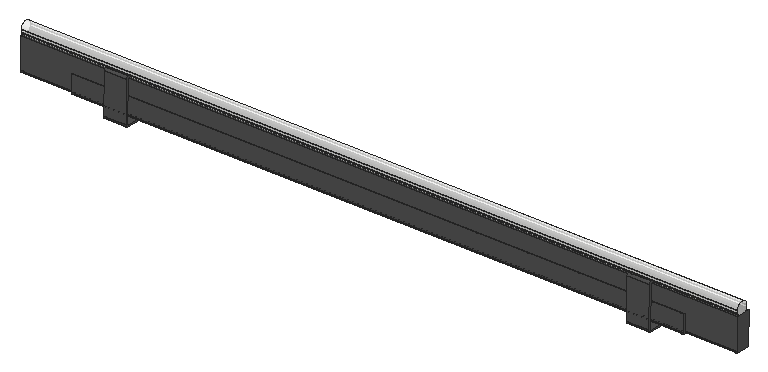
Revit family "Lighting-Luminii-iLight_Plexineon_Straight_Surface new", category Lighting Fixtures, host Face, Revit 2020
Family settings
  Host = Face
  Round Connector Dimension = Use Diameter
  Part Type = Normal
  OmniClass Number = 23.80.70.11.14.11
  OmniClass Title = Downlights
  Cut with Voids When Loaded = No
  Light Source = Yes
  Shared = Yes
  Room Calculation Point = No
Parameters (values of type "Plexion Surface Mount - PX")
  Width = 83/128"  # constant formula
  Wattage Comments = "3.2 W/ft"
  Wattage = 3.15385 W
  Warranty URL = "https://www.luminii.com/terms-conditions/"
  built-in parameter 1150110 = 1 (stored number, unit not read)
  Voltage Comments = "120VAC - 277VAC"  # constant formula
  Voltage = 120 V
  Version = "2020 - v1.0a"  # constant formula
  URL = "https://www.luminii.com/"
  built-in parameter 1114217 = 1 (stored number, unit not read)
  Tilt Angle = -90.00°  # constant formula
  built-in parameter 1150109 = 1 (stored number, unit not read)
  built-in parameter 1150134 = (empty or 0)
  built-in parameter 1150113 = 1 (stored number, unit not read)
  Support Phone = "224-699-9545"  # constant formula
  Support Email = "mailto:support@bimsmith.com"
  Product Page URL = "https://www.luminii.com/product/plexineon-surface-static-color/"
  Power Source Type = "Driver"  # constant formula
  Power Factor = 1
  Photometric Web File = "PX48-SR-30K-SO-F_IESNA2002.IES"
  Phase = 1
  Operating Temperature = "Consult Manufacturer Website for more Information"  # constant formula
  Number of Poles = if(and(or(Voltage = 120 V, Voltage = 277 V), Phase = 1), 1, if(and(or(Voltage = 208 V, Voltage = 240 V), Phase = 1), 2, if(and(or(Voltage = 208 V, Voltage = 240 V), Phase = 3), 3, if(and(Voltage > 300 V, Phase = 1), 2, if(and(Voltage > 400 V, Phase = 3), 3, 1)))))  # 1
  Mounting Method = "Mounting Options: Surface Mount Standard Clips, Surface Mount L-Tab Clips, Surface Mount S-Tab Clips, Surface Mount Vertical Clips, Surface Mount Decorative Clips"  # constant formula
  Model = "PX"  # constant formula
  Manufacturer Phone Number = "403-216-7043"  # constant formula
  Manufacturer Email = "mailto: info@sensolighting.com"
  Manufacturer Address = "302 50 Ave SE. Calgary, Alberta, T2G 2A9 Canada"  # constant formula
  Manufacturer = "Luminii"  # constant formula
  built-in parameter 1150105 = 9.788 (stored number, unit not read)
  Lumens = 123 lm
  Luminaire Type = "Linear Illumination System"  # constant formula
  built-in parameter 1150115 = 1 (stored number, unit not read)
  Load Classification = Lighting
  built-in parameter 1150137 = (empty or 0)
  built-in parameter 1150139 = (empty or 0)
  Lens Material = Plastic - Luminii - Frosted Lens
  Length [instance] = if(Desired Length < 6", 6", if(Desired Length > 360", 360", (round(Desired Length / 2")) * 2"))  # 24"
  built-in parameter 1150112 = 1 (stored number, unit not read)
  built-in parameter 1150114 = 1 (stored number, unit not read)
  Lamp Life = 1
  Lamp = "LED"  # constant formula
  Keynote = "26 50 00"
  built-in parameter 1150132 = (empty or 0)
  built-in parameter 1150102 = (empty or 0)
  built-in parameter 1150107 = 3000 (stored number, unit not read)
  Initial Color Comments = "Perfomance based on 3000K Photometric Web File"  # constant formula
  built-in parameter 1150138 = (empty or 0)
  built-in parameter 1150106 = 0.09788 (stored number, unit not read)
  Housing Protection Rating = "Consult Manufacturer Website for more Information"  # constant formula
  Height = 1 207/256"  # constant formula
  Has Dimming = 1 = 1  # yes
  Has Battery Backup = 0 = 1  # no
  Frequency Comments = ""  # constant formula
  Frequency = 60 Hz
  Finish = Metal - Luminii - Black
  Environment = "Indoor"  # constant formula
  Emit from Line Length = 48"
  built-in parameter 1150104 = 3.6232 (stored number, unit not read)
  Dimming Type = "Consult Manufacturer Website for more Information"  # constant formula
  Dimming Lamp Color Temperature Shift = <None>
  Desired Length [instance] = 24"
  Description = "Linear Illumination System"  # constant formula
  Default Elevation = 0"  # constant formula
  Current Amps = 50 A
  Copyright = "©2024 Luminii"  # constant formula
  Control Zone = "Consult Manufacturer Website for more Information"  # constant formula
  Control Type = "Consult Manufacturer Website for more Information"  # constant formula
  Constraints = 1  # constant formula
  Color Filter = 16777215
  built-in parameter 1114216 [instance] = 0  # (empty or 0)
  built-in parameter 1140040 [instance] = 1 = 1  # 1
  CCT = "3000K"
  C Suspension [instance] = 0"  # constant formula
  C Number Array [instance] = if(Length < 30", 2, if(Length > 30", Length / 30" + 2, 2))  # 2
  built-in parameter 1114218 = 1 (stored number, unit not read)
  built-in parameter 1150133 = 10 (stored number, unit not read)
  Assembly Code = "D5040.50"
  Apparent Load = Wattage / Power Factor  # 3.15385 VA
Reference planes (in)
  plane 1 "Center (Front/Back)": y = 0
  plane 2: z = 0
  plane 3 "Center (Left/Right)": x = 0
  plane 4: x = 0
  plane 5: x = 0
  plane 6: y = 0.32422
  plane 7: y = -0.32422
  plane 8: x = -12
  plane 9: x = 12
  plane 10 "Top": z = 0
  plane 11: z = 1.80859
  plane 12: x = -11.25047
  plane 13: x = 11.25047
  plane 14 "Lamp": z = 0.32231
  plane 15: x = -8.75047
  plane 16: x = 8.75047
Forms (in)
  Extrusion 1, solid, not visible
    sketch origin (0, 0, -0.01563) x (1, 0, 0) y (0, 1, 0)
      loop
        circle (11.25047, 0) r 0.03125
    from 0.36918 to 0.40918
Dimensions and locks (in)
  equal spacing: plane 4, plane 3 "Center (Left/Right)", plane 5
  equal spacing: plane 6, plane 1 "Center (Front/Back)", plane 7
  "Width": plane 6 to plane 7
  equal spacing: plane 8, plane 3 "Center (Left/Right)", plane 9
  "Length": plane 8 to plane 9
  Extrusion 1 to plane 2 = 0.39356"
  plane 1 "Center (Front/Back)" to imposter light = 0"
  "C Suspension": plane 10 "Top" to plane 2
  locked: plane 12 to plane 8 at 0.74953
  locked: plane 13 to plane 9 at 0.74953
  locked: host face to level
  "Height": plane 11 to plane 10 "Top"
  locked: plane 14 "Lamp" to plane 10 "Top" at 0.32231
  locked: plane 15 to plane 12 at 2.5
  locked: plane 16 to plane 13 at 2.5
  group 1 to group 2 = 17.50093"
  group 1 to group 2 = 0"  (x2)
  Extrusion 1 to Extrusion 1 to plane 14 "Lamp" = 0.04" locked, 1/32" locked
  aligned and locked: plane 2 to host face
  aligned and locked: imposter light to plane 3 "Center (Left/Right)"
  aligned and locked: plane 1 "Center (Front/Back)" to Extrusion 1 sketch curve
  aligned and locked: plane 1 "Center (Front/Back)" to imposter light
  aligned and locked: imposter light to plane 5
  aligned and locked: plane 1 "Center (Front/Back)" to nested 1
  aligned and locked: plane 15 to nested 2
  aligned and locked: plane 1 "Center (Front/Back)" to nested 2
  aligned and locked: nested 3 to plane 16
  aligned and locked: plane 13 to Extrusion 1 sketch curve
  aligned and locked: imposter light to plane 11
Automatic sketch dimensions
  host sketch curve to host sketch curve = 96"  (x2)
  radius of Extrusion 1 sketch curve = 1/32"
Nested families (in)
  nested 1: "Nested Lamp" at (0, 0, 0.32231), type "Nested Lamp"
  nested 2: "Standard Bracket" at (-8.75047, 0, 0), type "Standard Bracket"
  nested 3: "Standard Bracket" at (8.75047, 0, 0), type "Standard Bracket"
Connectors (in)
  electrical at (11.25047, 0, 0.35356), driven by "Number of Poles", driven by "Load Classification", driven by "Voltage", driven by "Apparent Load", driven by "Power Factor"
    settings: on Extrusion 1, index 1, voltage 120 V, apparent load 3.15385 VA, apparent load phase1 0 VA, apparent load phase2 0 VA, apparent load phase3 0 VA, power factor 1, load classification "Lighting", number of poles 1, system type 30, power factor state 1, is connector primary yes, connector utility no, sub classification motor no, connector description "Power Connection"
Definition of nested family "Nested Lamp"
  Parameters (values of type "Nested Lamp")
    Width = 133/256"  # constant formula
    Lens = none
    Length = 24"
    Height = 1 123/256"  # constant formula
    Finish = none
    Default Elevation = 48"
  Reference planes (in)
    plane 1 "Center (Front/Back)": y = 0
    plane 2: z = 0
    plane 3 "Center (Left/Right)": x = 0
    plane 4: x = -11.98828
    plane 5: x = 11.98828
    plane 6: x = 12
    plane 7: x = -12
    plane 8: y = 0.25977
    plane 9: y = -0.25977
    plane 10: z = 1.48047
    plane 11: x = -10.24462
    plane 12: x = 10.24462
  Forms (in)
    Extrusion 1, solid
      sketch origin (0, 0, 0) x (1, 0, 0) y (0, 1, 0)
        loop
          line (-48, 48) -> (-48, -48) -> (48, -48) -> (48, 48) -> (-48, 48)
      from 0 to -12
    Sweep 2, solid, material <- "Finish", detail levels coarse
      path origin (0, 0, 0) x (1, 0, 0) y (0, 1, 0)
        loop
          line (-12, 0) -> (12, 0)
      profile origin (0, 0, 0) x (0, 1, 0) y (0, 0, 1)
        loop
          line (0.23, 1.12425) -> (-0.23, 1.12425) -> (-0.23, 0.03125) -> (0.23, 0.03125) -> (0.23, 1.12425)
    Sweep 3, solid, material <- "Finish", detail levels medium+fine
      path origin (0, 0, 0) x (1, 0, 0) y (0, 1, 0)
        loop
          line (-12, 0) -> (12, 0)
      profile origin (0, 0, 0) x (0, 1, 0) y (0, 0, 1)
        loop
          line (0.23, 1.12425) -> (-0.23, 1.12425) -> (-0.23, 0.07125)
          arc (-0.23, 0.07125) -> (-0.21828, 0.04297) -> (-0.19, 0.03125) r 0.04
          line (-0.19, 0.03125) -> (0.19, 0.03125)
          arc (0.19, 0.03125) -> (0.21828, 0.04297) -> (0.23, 0.07125) r 0.04
          line (0.23, 0.07125) -> (0.23, 1.12425)
    Sweep 4, solid, material <- "Lens", detail levels coarse
      path origin (0, 0, 0) x (1, 0, 0) y (0, 1, 0)
        loop
          line (-11.98828, 0) -> (11.98828, 0)
      profile origin (0, 0, 0) x (0, 1, 0) y (0, 0, 1)
        loop
          arc (0.201, 1.27947) -> (0, 1.48047) -> (-0.201, 1.27947) r 0.201
          line (-0.201, 1.27947) -> (-0.201, 1.12425) -> (-0.15, 1.12425) -> (-0.15, 0.78025) -> (0.15, 0.78025) -> (0.15, 1.12425) -> (0.201, 1.12425) -> (0.201, 1.27947)
    Sweep 5, solid, material <- "Lens", detail levels medium+fine
      path origin (0, 0, 0) x (1, 0, 0) y (0, 1, 0)
        loop
          line (-11.98828, 0) -> (11.98828, 0)
      profile origin (0, 0, 0) x (0, 1, 0) y (0, 0, 1)
        loop
          line (-0.15, 0.78025) -> (0.15, 0.78025) -> (0.15, 1.14947)
          arc (0.15, 1.14947) -> (0.15728, 1.16704) -> (0.17485, 1.17432) r 0.02485
          arc (0.17485, 1.17432) -> (0.19334, 1.18198) -> (0.201, 1.20047) r 0.02615
          line (0.201, 1.20047) -> (0.201, 1.27947)
          arc (0.201, 1.27947) -> (0, 1.48047) -> (-0.201, 1.27947) r 0.201
          line (-0.201, 1.27947) -> (-0.201, 1.20047)
          arc (-0.201, 1.20047) -> (-0.19334, 1.18198) -> (-0.17485, 1.17432) r 0.02615
          arc (-0.17485, 1.17432) -> (-0.15728, 1.16704) -> (-0.15, 1.14947) r 0.02485
          line (-0.15, 1.14947) -> (-0.15, 0.78025)
    Sweep 6, void
      path origin (0, 0, 0) x (1, 0, 0) y (0, 1, 0)
        loop
          line (11.98828, 0) -> (-11.98828, 0)
      profile origin (0, 0, 0) x (0, -1, 0) y (0, 0, 1)
        loop
          line (0.15, 0.78025) -> (0.15, 1.12425) -> (-0.15, 1.12425) -> (-0.15, 0.78025) -> (0.15, 0.78025)
    Sweep 7, void
      path origin (0, 0, 0) x (1, 0, 0) y (0, 1, 0)
        loop
          line (11.98828, 0) -> (-11.98828, 0)
      profile origin (0, 0, 0) x (0, -1, 0) y (0, 0, 1)
        loop
          line (-0.15, 0.07125) -> (0.15, 0.07125) -> (0.15, 1.12425) -> (-0.15, 1.12425) -> (-0.15, 0.07125)
    Sweep 8, solid, material <- "Finish"
      path origin (0, 0, 0) x (1, 0, 0) y (0, 1, 0)
        loop
          line (-10.24462, 0) -> (10.24462, 0)
      profile origin (0, 0, 0) x (0, 1, 0) y (0, 0, 1)
        loop
          line (0.25977, 0.60885) -> (0.22852, 0.60885) -> (0.22852, 0.03125) -> (-0.22852, 0.03125) -> (-0.22852, 0.60885) -> (-0.25977, 0.60885) -> (-0.25977, 0.03513)
          arc (-0.25977, 0.03513) -> (-0.24948, 0.01029) -> (-0.22464, 0) r 0.03513
          line (-0.22464, 0) -> (0.22464, 0)
          arc (0.22464, 0) -> (0.24948, 0.01029) -> (0.25977, 0.03513) r 0.03513
          line (0.25977, 0.03513) -> (0.25977, 0.60885)
  Cuts and joins
    Sweep 6 cuts Sweep 2
    Sweep 7 cuts Sweep 3
  Dimensions and locks (in)
    "Length": plane 7 to plane 6
    locked: plane 7 to plane 4 at 0.01172
    locked: plane 5 to plane 6 at 0.01172
    equal spacing: plane 7, plane 3 "Center (Left/Right)", plane 6
    equal spacing: plane 9, plane 1 "Center (Front/Back)", plane 8
    "Width": plane 9 to plane 8
    "Height": plane 2 to plane 10
    locked: plane 7 to plane 11 at 1.75538
    locked: plane 12 to plane 6 at 1.75538
    aligned and locked: plane 2 to Extrusion 1
    aligned and locked: level to Extrusion 1
    aligned and locked: plane 1 "Center (Front/Back)" to Sweep 2 sketch curve
    aligned and locked: plane 6 to Sweep 3 sketch curve
    aligned and locked: plane 7 to Sweep 3 sketch curve
    aligned and locked: plane 1 "Center (Front/Back)" to Sweep 3 sketch curve
    aligned and locked: plane 4 to Sweep 6 sketch curve
    aligned and locked: Sweep 6 sketch curve to plane 1 "Center (Front/Back)"
    aligned and locked: plane 5 to Sweep 6 sketch curve
    aligned and locked: plane 7 to Sweep 2 sketch curve
    aligned and locked: plane 6 to Sweep 2 sketch curve
    aligned and locked: plane 4 to Sweep 7 sketch curve
    aligned and locked: Sweep 7 sketch curve to plane 1 "Center (Front/Back)"
    aligned and locked: plane 5 to Sweep 7 sketch curve
    aligned and locked: plane 12 to Sweep 8 sketch curve
    aligned and locked: plane 1 "Center (Front/Back)" to Sweep 8 sketch curve
    aligned and locked: plane 11 to Sweep 8 sketch curve
    aligned and locked: plane 1 "Center (Front/Back)" to Sweep 4 sketch curve
  Automatic sketch dimensions
    Extrusion 1 sketch curve to Extrusion 1 sketch curve = 96"  (x2)
    plane 1 "Center (Front/Back)" to Sweep 4 sketch curve = 0"
    Sweep 4 sketch curve to plane 4 = 0"
    Sweep 4 sketch curve to plane 5 = 0"
    plane 1 "Center (Front/Back)" to Sweep 5 sketch curve = 0"
    Sweep 5 sketch curve to plane 4 = 0"
    Sweep 5 sketch curve to plane 5 = 0"
    profile plane to Sweep 5 sketch curve = 0.201"
    Sweep 5 sketch curve to Sweep 5 sketch curve = 0.02615"  (x2)
    Sweep 5 sketch curve to Sweep 5 sketch curve = 0.02485"  (x3)
    Sweep 5 sketch curve to profile plane = 0"
    Sweep 5 sketch curve to Sweep 5 sketch curve = 0.051"
    level to Sweep 5 sketch curve = 0.78025"
    Sweep 5 sketch curve to Sweep 5 sketch curve = 0.36922"  (x2)
    Sweep 5 sketch curve to Sweep 5 sketch curve = 0.079"
    profile plane to Sweep 4 sketch curve = 0.15"
    Sweep 4 sketch curve to Sweep 4 sketch curve = 0.051"  (x2)
    level to Sweep 4 sketch curve = 1.12425"
    Sweep 4 sketch curve to Sweep 4 sketch curve = 0.344"
    Sweep 4 sketch curve to Sweep 4 sketch curve = 0.15522"
    Sweep 4 sketch curve to Sweep 4 sketch curve = 0"
    profile plane to Sweep 2 sketch curve = 0.23"
    level to Sweep 2 sketch curve = 1/32"
    Sweep 2 sketch curve to profile plane = 0.23"
    profile plane to Sweep 3 sketch curve = 0.23"
    Sweep 3 sketch curve to Sweep 3 sketch curve = 0.04"
    level to Sweep 3 sketch curve = 1/32"
    Sweep 2 sketch curve to Sweep 2 sketch curve = 1.093"
    profile plane to Sweep 6 sketch curve = 0.15"
    Sweep 6 sketch curve to profile plane = 0.15"
    level to Sweep 6 sketch curve = 0.78025"
    Sweep 6 sketch curve to Sweep 6 sketch curve = 0.344"
    profile plane to Sweep 7 sketch curve = 0.15"
    Sweep 7 sketch curve to profile plane = 0.15"
    level to Sweep 7 sketch curve = 0.07125"
    Sweep 7 sketch curve to Sweep 7 sketch curve = 1.053"
    Sweep 3 sketch curve to profile plane = 0.19"
    Sweep 3 sketch curve to profile plane = 0.23"
    Sweep 3 sketch curve to Sweep 3 sketch curve = 1.053"
    profile plane to Sweep 8 sketch curve = 0.25977"
    Sweep 8 sketch curve to Sweep 8 sketch curve = 1/32"  (x2)
    Sweep 8 sketch curve to Sweep 8 sketch curve = 0.00388"  (x3)
    Sweep 8 sketch curve to profile plane = 0.22464"
    Sweep 8 sketch curve to Sweep 8 sketch curve = 0.57373"
    Sweep 8 sketch curve to Sweep 8 sketch curve = 0"
    Sweep 8 sketch curve to level = 0"
Definition of nested family "Standard Bracket"
  Parameters (values of type "Standard Bracket")
    Width = 83/128"  # constant formula
    Lens = none
    Length = 3/4"  # constant formula
    Height = 1 1/2"  # constant formula
    Finish = none
    Default Elevation = 48"
  Reference planes (in)
    plane 1 "Center (Front/Back)": y = 0
    plane 2: z = 0
    plane 3 "Center (Left/Right)": x = 0
    plane 4: x = 0.375
    plane 5: x = -0.375
    plane 6: y = 0.32422
    plane 7: y = -0.32422
    plane 8: z = 1.5
  Forms (in)
    Extrusion 1, solid
      sketch origin (0, 0, 0) x (1, 0, 0) y (0, 1, 0)
        loop
          line (-48, 48) -> (-48, -48) -> (48, -48) -> (48, 48) -> (-48, 48)
      from 0 to -12
    Sweep 2, solid, material <- "Finish", detail levels medium+fine
      path origin (0, 0, 0) x (1, 0, 0) y (0, 1, 0)
        loop
          line (-0.375, 0) -> (0.375, 0)
      profile origin (0, 0, 0) x (0, 1, 0) y (0, 0, 1)
        loop
          arc (0.24742, -0.00007) -> (0.30181, 0.02246) -> (0.32434, 0.07685) r 0.07691
          line (0.32434, 0.07685) -> (0.30542, 1.43069)
          arc (0.30542, 1.43069) -> (0.2781, 1.48233) -> (0.22235, 1.49977) r 0.07676
          line (0.22235, 1.49977) -> (0.1651, 1.49098) -> (0.1651, 1.45146) -> (0.22679, 1.46094)
          arc (0.22679, 1.46094) -> (0.25301, 1.45238) -> (0.26639, 1.42825) r 0.0377
          line (0.26639, 1.42825) -> (0.2841, 0.07394)
          arc (0.2841, 0.07394) -> (0.27334, 0.04717) -> (0.24673, 0.03604) r 0.03738
          line (0.24673, 0.03604) -> (-0.24673, 0.03604)
          arc (-0.24673, 0.03604) -> (-0.27334, 0.04717) -> (-0.28531, 0.07395) r 0.03738
          line (-0.28531, 0.07395) -> (-0.26639, 1.42825)
          arc (-0.26639, 1.42825) -> (-0.25301, 1.45238) -> (-0.22679, 1.46094) r 0.0377
          line (-0.22679, 1.46094) -> (-0.1651, 1.45146) -> (-0.1651, 1.49098) -> (-0.22235, 1.49977)
          arc (-0.22235, 1.49977) -> (-0.2781, 1.48233) -> (-0.30542, 1.43069) r 0.07676
          line (-0.30542, 1.43069) -> (-0.32434, 0.07685)
          arc (-0.32434, 0.07685) -> (-0.30181, 0.02246) -> (-0.24742, -0.00007) r 0.07691
          line (-0.24742, -0.00007) -> (0.24742, -0.00007)
    Sweep 3, solid, material <- "Finish", detail levels coarse
      path origin (0, 0, 0) x (1, 0, 0) y (0, 1, 0)
        loop
          line (-0.375, 0) -> (0.375, 0)
      profile origin (0, 0, 0) x (0, 1, 0) y (0, 0, 1)
        loop
          line (-0.32422, 1.49098) -> (-0.32422, 0) -> (0.32422, 0) -> (0.32422, 1.49098) -> (0.20025, 1.49098) -> (0.20025, 1.45146) -> (0.2841, 1.45146) -> (0.2841, 0.03604) -> (-0.2841, 0.03604) -> (-0.2841, 1.45146) -> (-0.20025, 1.45146) -> (-0.20025, 1.49098) -> (-0.32422, 1.49098)
  Dimensions and locks (in)
    "Length": plane 5 to plane 4
    equal spacing: plane 5, plane 3 "Center (Left/Right)", plane 4
    equal spacing: plane 7, plane 1 "Center (Front/Back)", plane 6
    "Width": plane 7 to plane 6
    "Height": plane 2 to plane 8
    aligned and locked: plane 2 to Extrusion 1
    aligned and locked: level to Extrusion 1
    aligned and locked: plane 4 to Sweep 2 sketch curve
    aligned and locked: plane 5 to Sweep 2 sketch curve
    aligned and locked: plane 1 "Center (Front/Back)" to Sweep 2 sketch curve
    aligned and locked: plane 1 "Center (Front/Back)" to Sweep 3 sketch curve
    aligned and locked: plane 4 to Sweep 3 sketch curve
    aligned and locked: plane 5 to Sweep 3 sketch curve
  Automatic sketch dimensions
    Extrusion 1 sketch curve to Extrusion 1 sketch curve = 96"  (x2)
    Sweep 2 sketch curve to Sweep 2 sketch curve = 0"  (x5)
    level to Sweep 2 sketch curve = 0.07685"  (x2)
    profile plane to Sweep 2 sketch curve = 0.32434"
    profile plane to Sweep 2 sketch curve = 0.30542"
    Sweep 2 sketch curve to Sweep 2 sketch curve = 0.03903"  (x2)
    Sweep 2 sketch curve to level = 0.00007"
    Sweep 2 sketch curve to Sweep 2 sketch curve = 0.0007"  (x2)
    Sweep 2 sketch curve to Sweep 2 sketch curve = 0.03737"  (x2)
    Sweep 2 sketch curve to Sweep 2 sketch curve = 0.00223"  (x2)
    Sweep 2 sketch curve to Sweep 2 sketch curve = 0.00445"  (x2)
    Sweep 2 sketch curve to Sweep 2 sketch curve = 0.05725"  (x2)
    Sweep 2 sketch curve to profile plane = 0.1651"
    level to Sweep 2 sketch curve = 0.07341"
    Sweep 2 sketch curve to profile plane = 0.24673"
    level to Sweep 2 sketch curve = 0.03604"
    Sweep 2 sketch curve to Sweep 2 sketch curve = 0.00343"
    Sweep 2 sketch curve to Sweep 2 sketch curve = 1.34646"
    Sweep 2 sketch curve to Sweep 2 sketch curve = 0.00495"  (x2)
    Sweep 2 sketch curve to Sweep 2 sketch curve = 0.00244"  (x2)
    Sweep 2 sketch curve to Sweep 2 sketch curve = 0.00948"  (x2)
    Sweep 2 sketch curve to Sweep 2 sketch curve = 0.03952"  (x2)
    level to Sweep 2 sketch curve = 0.07395"  (x2)
    Sweep 2 sketch curve to Sweep 2 sketch curve = 0.00121"  (x2)
    Sweep 2 sketch curve to Sweep 2 sketch curve = 0.03668"
    Sweep 2 sketch curve to Sweep 2 sketch curve = 0.03789"
    Sweep 3 sketch curve to level = 0"
    profile plane to Sweep 3 sketch curve = 83/256"
    Sweep 3 sketch curve to Sweep 3 sketch curve = 0.04012"  (x2)
    Sweep 3 sketch curve to Sweep 3 sketch curve = 0.08385"  (x2)
    Sweep 3 sketch curve to profile plane = 0.20025"
    level to Sweep 3 sketch curve = 0.03604"
    Sweep 3 sketch curve to Sweep 3 sketch curve = 1.41542"
    Sweep 3 sketch curve to Sweep 3 sketch curve = 0"
    Sweep 3 sketch curve to Sweep 3 sketch curve = 0.03952"  (x2)
